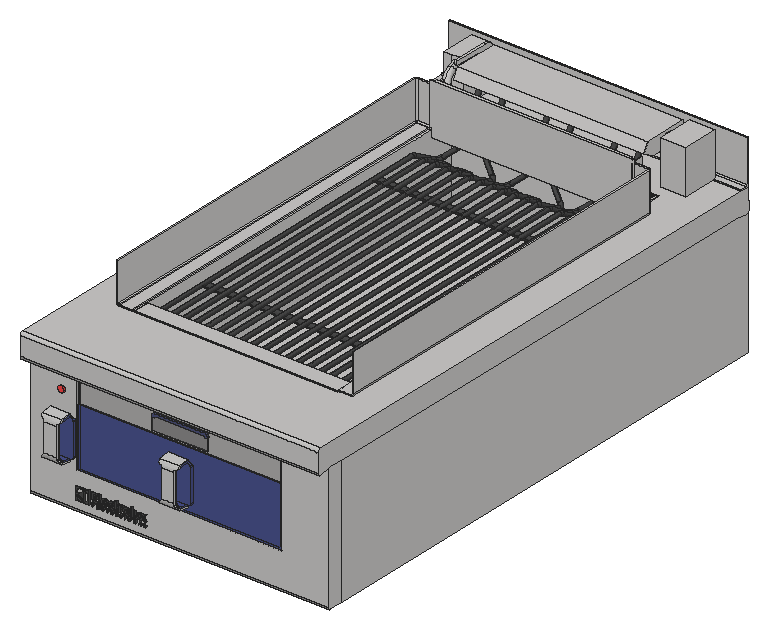
Revit family "QF_ELECTROLUXPROFESSIONAL_589285_MCDDABEOIO", category Specialty Equipment, Revit 2018 (continued)
Automatic sketch dimensions
  plane 12 "BASE" to Extrusion 16 sketch curve = 19.329 mm  (x2)
  Extrusion 16 sketch curve to Extrusion 16 sketch curve = 0.782 mm  (x3)
  Extrusion 16 sketch curve to Extrusion 16 sketch curve = 0.58 mm  (x2)
  Extrusion 16 sketch curve to Extrusion 16 sketch curve = 0.975 mm  (x2)
  Extrusion 16 sketch curve to Extrusion 16 sketch curve = 0.016 mm  (x2)
  Extrusion 16 sketch curve to Extrusion 16 sketch curve = 0.427 mm  (x2)
  Extrusion 16 sketch curve to Extrusion 16 sketch curve = 0.009 mm  (x6)
  Extrusion 16 sketch curve to Extrusion 16 sketch curve = 0.094 mm  (x2)
  plane 12 "BASE" to Extrusion 16 sketch curve = 29.439 mm
  Extrusion 16 sketch curve to Extrusion 16 sketch curve = 2.475 mm
  Extrusion 16 sketch curve to Extrusion 16 sketch curve = 0.003 mm
  Extrusion 16 sketch curve to Extrusion 16 sketch curve = 0.093 mm  (x2)
  Extrusion 16 sketch curve to Extrusion 16 sketch curve = 0.13 mm  (x2)
  Extrusion 16 sketch curve to Extrusion 16 sketch curve = 0.007 mm  (x2)
  Extrusion 16 sketch curve to Extrusion 16 sketch curve = 0.045 mm  (x2)
  Extrusion 16 sketch curve to Extrusion 16 sketch curve = 0.305 mm  (x2)
  Extrusion 16 sketch curve to Extrusion 16 sketch curve = 0.12 mm  (x2)
  Extrusion 16 sketch curve to Extrusion 16 sketch curve = 0.209 mm  (x2)
  Extrusion 16 sketch curve to Extrusion 16 sketch curve = 0.236 mm  (x2)
  plane 12 "BASE" to Extrusion 16 sketch curve = 21.383 mm  (x2)
  Extrusion 16 sketch curve to Extrusion 16 sketch curve = 0.432 mm  (x2)
  plane 12 "BASE" to Extrusion 16 sketch curve = 25 mm
  Extrusion 16 sketch curve to Extrusion 16 sketch curve = 1.08 mm
  plane 12 "BASE" to Extrusion 16 sketch curve = 21.887 mm  (x2)
  Extrusion 16 sketch curve to Extrusion 16 sketch curve = 0.735 mm  (x2)
  Extrusion 16 sketch curve to Extrusion 16 sketch curve = 2.254 mm
  plane 12 "BASE" to Extrusion 16 sketch curve = 24.953 mm  (x2)
  Extrusion 16 sketch curve to Extrusion 16 sketch curve = 1.046 mm
  plane 12 "BASE" to Extrusion 16 sketch curve = 27.282 mm
  Extrusion 16 sketch curve to Extrusion 16 sketch curve = 6.129 mm
  Extrusion 16 sketch curve to Extrusion 16 sketch curve = 2.048 mm
  plane 12 "BASE" to Extrusion 16 sketch curve = 33.815 mm
  Extrusion 16 sketch curve to Extrusion 16 sketch curve = 2.458 mm  (x3)
  plane 12 "BASE" to Extrusion 16 sketch curve = 33.215 mm
  Extrusion 16 sketch curve to Extrusion 16 sketch curve = 2.809 mm  (x2)
  Extrusion 16 sketch curve to Extrusion 16 sketch curve = 1.033 mm
  plane 12 "BASE" to Extrusion 16 sketch curve = 30.158 mm  (x4)
  Extrusion 16 sketch curve to Extrusion 16 sketch curve = 0.379 mm
  Extrusion 16 sketch curve to Extrusion 16 sketch curve = 2.459 mm
  Extrusion 16 sketch curve to Extrusion 16 sketch curve = 4.456 mm
  plane 12 "BASE" to Extrusion 16 sketch curve = 35.672 mm
  Extrusion 16 sketch curve to Extrusion 16 sketch curve = 6.06 mm
  plane 12 "BASE" to Extrusion 16 sketch curve = 26.894 mm
  Extrusion 16 sketch curve to Extrusion 16 sketch curve = 3.222 mm
  plane 12 "BASE" to Extrusion 16 sketch curve = 33.421 mm
  plane 12 "BASE" to Extrusion 16 sketch curve = 24.643 mm
  Extrusion 16 sketch curve to Extrusion 16 sketch curve = 3.221 mm
  Extrusion 16 sketch curve to Extrusion 16 sketch curve = 4.766 mm
  Extrusion 16 sketch curve to Extrusion 16 sketch curve = 1.524 mm
  Extrusion 16 sketch curve to Extrusion 16 sketch curve = 2.48 mm
  Extrusion 16 sketch curve to Extrusion 16 sketch curve = 1.895 mm
  Extrusion 16 sketch curve to Extrusion 16 sketch curve = 0.995 mm  (x2)
  plane 12 "BASE" to Extrusion 16 sketch curve = 20.84 mm
  Extrusion 16 sketch curve to Extrusion 16 sketch curve = 0.039 mm  (x2)
  Extrusion 16 sketch curve to Extrusion 16 sketch curve = 2.499 mm
  Extrusion 16 sketch curve to Extrusion 16 sketch curve = 2.276 mm
  plane 12 "BASE" to Extrusion 16 sketch curve = 24.684 mm
  Extrusion 16 sketch curve to Extrusion 16 sketch curve = 0.393 mm  (x3)
  plane 12 "BASE" to Extrusion 16 sketch curve = 26.956 mm
  Extrusion 16 sketch curve to Extrusion 16 sketch curve = 0.02 mm
  plane 12 "BASE" to Extrusion 16 sketch curve = 29.311 mm
  Extrusion 16 sketch curve to Extrusion 16 sketch curve = 2.273 mm
  Extrusion 16 sketch curve to Extrusion 16 sketch curve = 4.061 mm
  Extrusion 16 sketch curve to Extrusion 16 sketch curve = 1.099 mm
  Extrusion 16 sketch curve to Extrusion 16 sketch curve = 2.498 mm
  Extrusion 16 sketch curve to Extrusion 16 sketch curve = 0.485 mm  (x2)
  plane 12 "BASE" to Extrusion 16 sketch curve = 19.806 mm
  Extrusion 16 sketch curve to Extrusion 16 sketch curve = 0.459 mm  (x4)
  Extrusion 16 sketch curve to Extrusion 16 sketch curve = 1.143 mm
  plane 12 "BASE" to Extrusion 16 sketch curve = 22.688 mm
  Extrusion 16 sketch curve to Extrusion 16 sketch curve = 0.238 mm
  plane 12 "BASE" to Extrusion 16 sketch curve = 20.827 mm
  Extrusion 16 sketch curve to Extrusion 16 sketch curve = 0.462 mm
  Extrusion 16 sketch curve to Extrusion 16 sketch curve = 0.922 mm
  plane 12 "BASE" to Extrusion 16 sketch curve = 18.785 mm
  plane 12 "BASE" to Extrusion 16 sketch curve = 27.449 mm
  Extrusion 16 sketch curve to Extrusion 16 sketch curve = 1.792 mm
  Extrusion 16 sketch curve to Extrusion 16 sketch curve = 1.54 mm
  Extrusion 16 sketch curve to Extrusion 16 sketch curve = 0.872 mm
  Extrusion 16 sketch curve to Extrusion 16 sketch curve = 1.1 mm
  Extrusion 16 sketch curve to Extrusion 16 sketch curve = 1.145 mm
  plane 12 "BASE" to Extrusion 16 sketch curve = 30.447 mm
  Extrusion 16 sketch curve to Extrusion 16 sketch curve = 2.054 mm
  plane 12 "BASE" to Extrusion 16 sketch curve = 28.63 mm
  Extrusion 16 sketch curve to Extrusion 16 sketch curve = 1.363 mm  (x2)
  Extrusion 16 sketch curve to Extrusion 16 sketch curve = 1.364 mm
  Extrusion 16 sketch curve to Extrusion 16 sketch curve = 4.137 mm
  Extrusion 16 sketch curve to Extrusion 16 sketch curve = 2.252 mm  (x2)
  Extrusion 16 sketch curve to Extrusion 16 sketch curve = 0.127 mm
  plane 12 "BASE" to Extrusion 16 sketch curve = 28.282 mm
  Extrusion 16 sketch curve to Extrusion 16 sketch curve = 1.563 mm
  Extrusion 16 sketch curve to Extrusion 16 sketch curve = 1.048 mm
  Extrusion 16 sketch curve to Extrusion 16 sketch curve = 1.914 mm
  Extrusion 16 sketch curve to Extrusion 16 sketch curve = 2.706 mm
  Extrusion 16 sketch curve to Extrusion 16 sketch curve = 2.664 mm
  Extrusion 16 sketch curve to Extrusion 16 sketch curve = 7.314 mm
  Extrusion 16 sketch curve to Extrusion 16 sketch curve = 1.632 mm
  Extrusion 16 sketch curve to Extrusion 16 sketch curve = 3.648 mm  (x2)
  Extrusion 16 sketch curve to Extrusion 16 sketch curve = 3.598 mm  (x2)
  Extrusion 16 sketch curve to Extrusion 16 sketch curve = 4.176 mm
  Extrusion 16 sketch curve to Extrusion 16 sketch curve = 1.127 mm
  Extrusion 16 sketch curve to Extrusion 16 sketch curve = 3.129 mm
  Extrusion 16 sketch curve to Extrusion 16 sketch curve = 0.787 mm
  Extrusion 16 sketch curve to Extrusion 16 sketch curve = 0.856 mm
  Extrusion 16 sketch curve to Extrusion 16 sketch curve = 0.934 mm
  Extrusion 16 sketch curve to Extrusion 16 sketch curve = 0.941 mm  (x3)
  Extrusion 16 sketch curve to Extrusion 16 sketch curve = 0.537 mm  (x2)
  Extrusion 16 sketch curve to Extrusion 16 sketch curve = 0.25 mm
  Extrusion 16 sketch curve to Extrusion 16 sketch curve = 0.311 mm  (x2)
  Extrusion 16 sketch curve to Extrusion 16 sketch curve = 0.031 mm
  Extrusion 16 sketch curve to Extrusion 16 sketch curve = 1.686 mm
  Extrusion 16 sketch curve to Extrusion 16 sketch curve = 0.082 mm
  Extrusion 16 sketch curve to Extrusion 16 sketch curve = 1.753 mm
  Extrusion 16 sketch curve to Extrusion 16 sketch curve = 0.014 mm  (x2)
  Extrusion 16 sketch curve to Extrusion 16 sketch curve = 0.109 mm  (x2)
  Extrusion 16 sketch curve to Extrusion 16 sketch curve = 0.018 mm  (x2)
  Extrusion 16 sketch curve to Extrusion 16 sketch curve = 2.046 mm
  Extrusion 16 sketch curve to Extrusion 16 sketch curve = 0.827 mm
  Extrusion 16 sketch curve to Extrusion 16 sketch curve = 4.496 mm
  Extrusion 16 sketch curve to Extrusion 16 sketch curve = 4.443 mm
  Extrusion 16 sketch curve to Extrusion 16 sketch curve = 1.66 mm
  Extrusion 16 sketch curve to Extrusion 16 sketch curve = 0.631 mm  (x2)
  Extrusion 16 sketch curve to Extrusion 16 sketch curve = 1.016 mm
  Extrusion 16 sketch curve to Extrusion 16 sketch curve = 0.313 mm  (x2)
  Extrusion 16 sketch curve to Extrusion 16 sketch curve = 0.94 mm  (x3)
  Extrusion 16 sketch curve to Extrusion 16 sketch curve = 0.163 mm  (x2)
  Extrusion 16 sketch curve to Extrusion 16 sketch curve = 0.192 mm  (x2)
  Extrusion 16 sketch curve to Extrusion 16 sketch curve = 0.704 mm
  Extrusion 16 sketch curve to Extrusion 16 sketch curve = 0.686 mm
  Extrusion 16 sketch curve to Extrusion 16 sketch curve = 0.002 mm
  Extrusion 16 sketch curve to Extrusion 16 sketch curve = 0.077 mm  (x2)
  Extrusion 16 sketch curve to Extrusion 16 sketch curve = 0.164 mm  (x2)
  Extrusion 16 sketch curve to Extrusion 16 sketch curve = 0.865 mm
  Extrusion 16 sketch curve to Extrusion 16 sketch curve = 1.05 mm
  Extrusion 16 sketch curve to Extrusion 16 sketch curve = 0.337 mm  (x2)
  Extrusion 16 sketch curve to Extrusion 16 sketch curve = 4.036 mm
  Extrusion 16 sketch curve to Extrusion 16 sketch curve = 1.996 mm
  Extrusion 16 sketch curve to Extrusion 16 sketch curve = 1.955 mm
  Extrusion 16 sketch curve to Extrusion 16 sketch curve = 1.847 mm
  Extrusion 16 sketch curve to Extrusion 16 sketch curve = 2.265 mm  (x2)
  Extrusion 16 sketch curve to Extrusion 16 sketch curve = 0.004 mm  (x2)
  Extrusion 16 sketch curve to Extrusion 16 sketch curve = 0.132 mm
  Extrusion 16 sketch curve to Extrusion 16 sketch curve = 0.034 mm
  Extrusion 16 sketch curve to Extrusion 16 sketch curve = 4.131 mm
  Extrusion 16 sketch curve to Extrusion 16 sketch curve = 1.129 mm
  Extrusion 16 sketch curve to Extrusion 16 sketch curve = 0.166 mm
  Extrusion 16 sketch curve to Extrusion 16 sketch curve = 0.141 mm
  Extrusion 16 sketch curve to Extrusion 16 sketch curve = 2.155 mm
  Extrusion 16 sketch curve to Extrusion 16 sketch curve = 3.388 mm
  Extrusion 16 sketch curve to Extrusion 16 sketch curve = 1.838 mm
  Extrusion 16 sketch curve to Extrusion 16 sketch curve = 1.833 mm
  Extrusion 16 sketch curve to Extrusion 16 sketch curve = 1.776 mm
  Extrusion 16 sketch curve to Extrusion 16 sketch curve = 1.273 mm
  Extrusion 16 sketch curve to Extrusion 16 sketch curve = 2.637 mm  (x2)
  Extrusion 16 sketch curve to Extrusion 16 sketch curve = 0.103 mm
  Extrusion 16 sketch curve to Extrusion 16 sketch curve = 3.672 mm
  Extrusion 16 sketch curve to Extrusion 16 sketch curve = 2.338 mm
  Extrusion 16 sketch curve to Extrusion 16 sketch curve = 2.258 mm
  Extrusion 16 sketch curve to Extrusion 16 sketch curve = 2.106 mm
  Extrusion 16 sketch curve to Extrusion 16 sketch curve = 1.548 mm
  Extrusion 16 sketch curve to Extrusion 16 sketch curve = 6.073 mm
  Extrusion 16 sketch curve to Extrusion 16 sketch curve = 2.396 mm
  Extrusion 16 sketch curve to Extrusion 16 sketch curve = 1.409 mm
  Extrusion 16 sketch curve to Extrusion 16 sketch curve = 3.403 mm
  Extrusion 16 sketch curve to Extrusion 16 sketch curve = 0.89 mm
  Extrusion 16 sketch curve to Extrusion 16 sketch curve = 2.331 mm
  Extrusion 16 sketch curve to Extrusion 16 sketch curve = 3.986 mm
  Extrusion 16 sketch curve to Extrusion 16 sketch curve = 3.987 mm
  Extrusion 16 sketch curve to Extrusion 16 sketch curve = 1.009 mm  (x2)
  Extrusion 16 sketch curve to Extrusion 16 sketch curve = 0.125 mm  (x2)
  Extrusion 16 sketch curve to Extrusion 16 sketch curve = 0.522 mm  (x2)
  Extrusion 16 sketch curve to Extrusion 16 sketch curve = 0.257 mm  (x2)
  Extrusion 16 sketch curve to Extrusion 16 sketch curve = 0.286 mm  (x2)
  Extrusion 16 sketch curve to Extrusion 16 sketch curve = 0.278 mm  (x2)
  Extrusion 16 sketch curve to Extrusion 16 sketch curve = 0.822 mm  (x2)
  Extrusion 16 sketch curve to Extrusion 16 sketch curve = 0.835 mm  (x2)
  Sweep 17 sketch curve to plane 13 "TOP" = 30.001 mm
  Sweep 17 sketch curve to plane 13 "TOP" = 11.001 mm
  Sweep 17 sketch curve to Sweep 17 sketch curve = 19.4 mm
  Sweep 17 sketch curve to Sweep 17 sketch curve = 4 mm
  plane 11 "sCARICO" to Sweep 17 sketch curve = 0 mm
  Sweep 17 sketch curve to profile plane = 0 mm
  Sweep 18 sketch curve to plane 13 "TOP" = 34.001 mm
  Sweep 18 sketch curve to Sweep 18 sketch curve = 13.5 mm
  Sweep 18 sketch curve to plane 11 "sCARICO" = 0 mm
  Sweep 18 sketch curve to profile plane = 0 mm
  plane 6 "PLAIN" to Extrusion 19 sketch curve = 1.152 mm
  plane 3 "LEFT" to Extrusion 19 sketch curve = 77.348 mm
  plane 15 "EI_y" to Extrusion 19 sketch curve = 33.348 mm
  plane 12 "BASE" to Extrusion 19 sketch curve = 250 mm
  Extrusion 20 sketch curve to plane 6 "PLAIN" = 0 mm
  plane 3 "LEFT" to Extrusion 20 sketch curve = 81 mm
  plane 15 "EI_y" to Extrusion 20 sketch curve = 37 mm
  plane 12 "BASE" to Extrusion 20 sketch curve = 110 mm
  Extrusion 21 sketch curve to plane 6 "PLAIN" = 0 mm
  plane 3 "LEFT" to Extrusion 21 sketch curve = 81 mm
  plane 15 "EI_y" to Extrusion 21 sketch curve = 37 mm
  plane 12 "BASE" to Extrusion 21 sketch curve = 110 mm
  plane 10 "MontanteBack" to Extrusion 22 sketch curve = 65.726 mm
  Extrusion 22 sketch curve to Extrusion 22 sketch curve = 2.105 mm  (x2)
  plane 15 "EI_y" to Extrusion 22 sketch curve = 35.452 mm
  Extrusion 22 sketch curve to Extrusion 22 sketch curve = 6.786 mm  (x2)
  plane 3 "LEFT" to Extrusion 22 sketch curve = 86.238 mm
  Extrusion 22 sketch curve to Extrusion 22 sketch curve = 0 mm  (x3)
  plane 16 to Extrusion 23 sketch curve = 0 mm
  Extrusion 23 sketch curve to plane 9 "Grill" = 0 mm  (x2)
  plane 10 "MontanteBack" to Extrusion 23 sketch curve = 99.724 mm
  Extrusion 23 sketch curve to Extrusion 23 sketch curve = 3.1 mm  (x2)
  Extrusion 23 sketch curve to Extrusion 23 sketch curve = 32.302 mm
  Extrusion 23 sketch curve to Extrusion 23 sketch curve = 4.65 mm  (x2)
  Extrusion 23 sketch curve to Extrusion 23 sketch curve = 507.382 mm
  Extrusion 23 sketch curve to Extrusion 23 sketch curve = 41.464 mm
  Extrusion 23 sketch curve to Extrusion 23 sketch curve = 2.45 mm
  Extrusion 23 sketch curve to Extrusion 23 sketch curve = 4.244 mm
  Extrusion 23 sketch curve to Extrusion 23 sketch curve = 5.369 mm  (x2)
  Extrusion 23 sketch curve to Extrusion 23 sketch curve = 41.167 mm
  Extrusion 23 sketch curve to Extrusion 23 sketch curve = 5.502 mm
  Extrusion 23 sketch curve to Extrusion 23 sketch curve = 4.788 mm
  Extrusion 23 sketch curve to Extrusion 23 sketch curve = 106.667 mm
  Extrusion 23 sketch curve to Extrusion 23 sketch curve = 87.573 mm
  Extrusion 23 sketch curve to Extrusion 23 sketch curve = 1.306 mm
  Extrusion 23 sketch curve to Extrusion 23 sketch curve = 8.054 mm
  Extrusion 23 sketch curve to Extrusion 23 sketch curve = 9.3 mm
  Extrusion 23 sketch curve to Extrusion 23 sketch curve = 39.063 mm
  Extrusion 23 sketch curve to Extrusion 23 sketch curve = 2.871 mm
  Extrusion 24 sketch curve to plane 13 "TOP" = 0 mm  (x2)
  Extrusion 24 sketch curve to plane 10 "MontanteBack" = 4.508 mm
  plane 13 "TOP" to Extrusion 24 sketch curve = 32.592 mm
  Extrusion 24 sketch curve to Extrusion 24 sketch curve = 23.633 mm
  Extrusion 24 sketch curve to Extrusion 24 sketch curve = 27.957 mm
  plane 13 "TOP" to Extrusion 25 sketch curve = 7.313 mm
  plane 10 "MontanteBack" to Extrusion 25 sketch curve = 18.546 mm
  plane 13 "TOP" to Extrusion 25 sketch curve = 1.313 mm
  Extrusion 25 sketch curve to plane 10 "MontanteBack" = 20.263 mm
  Extrusion 25 sketch curve to Extrusion 25 sketch curve = 18.304 mm
  Extrusion 25 sketch curve to plane 13 "TOP" = 7.687 mm
  Extrusion 25 sketch curve to Extrusion 25 sketch curve = 20.771 mm
  Extrusion 25 sketch curve to Extrusion 25 sketch curve = 4.193 mm
  Extrusion 25 sketch curve to Extrusion 25 sketch curve = 7.322 mm
  Extrusion 25 sketch curve to plane 13 "TOP" = 4.569 mm
  Extrusion 25 sketch curve to Extrusion 25 sketch curve = 2.861 mm
  Extrusion 25 sketch curve to Extrusion 25 sketch curve = 13.461 mm
  Extrusion 25 sketch curve to plane 13 "TOP" = 19.001 mm
  Extrusion 25 sketch curve to Extrusion 25 sketch curve = 23.999 mm
  Extrusion 25 sketch curve to Extrusion 25 sketch curve = 8.568 mm
  Extrusion 25 sketch curve to Extrusion 25 sketch curve = 9.081 mm
  Extrusion 25 sketch curve to Extrusion 25 sketch curve = 1.291 mm
  plane 14 "EI_x" to Extrusion 30 sketch curve = 47.818 mm
  plane 3 "LEFT" to Extrusion 30 sketch curve = 86.446 mm
  plane 14 "EI_x" to Extrusion 31 sketch curve = 47.818 mm
  plane 3 "LEFT" to Extrusion 31 sketch curve = 86.446 mm
  Extrusion 33 sketch curve to Extrusion 33 sketch curve = 0 mm  (x2)
  Extrusion 33 sketch curve to plane 6 "PLAIN" = 0 mm
  Extrusion 33 sketch curve to plane 13 "TOP" = 0 mm
  Extrusion 33 sketch curve to plane 1 "BACK" = 0 mm
  Extrusion 33 sketch curve to Extrusion 33 sketch curve = 2 mm
  plane 1 "BACK" to Extrusion 33 sketch curve = 4 mm
  Extrusion 33 sketch curve to Extrusion 33 sketch curve = 12.433 mm
  plane 15 "EI_y" to Extrusion 35 sketch curve = 11 mm
  Extrusion 35 sketch curve to plane 8 "Center (Front/Back)" = 73 mm
  plane 14 "EI_x" to Extrusion 32 sketch curve = 0 mm
  Extrusion 32 sketch curve to plane 15 "EI_y" = 0 mm
  plane 15 "EI_y" to Sweep 1 sketch curve = 39.452 mm
  Sweep 1 sketch curve to Sweep 1 sketch curve = 4 mm  (x2)
  plane 15 "EI_y" to Sweep 1 sketch curve = 13.452 mm
  plane 10 "MontanteBack" to Sweep 1 sketch curve = 71.621 mm
  plane 14 "EI_x" to Sweep 1 sketch curve = 76 mm
  Sweep 1 sketch curve to Sweep 1 sketch curve = 14 mm
  Sweep 2 sketch curve to plane 3 "LEFT" = 83.452 mm
  Sweep 2 sketch curve to Sweep 2 sketch curve = 4 mm  (x2)
  Sweep 2 sketch curve to Sweep 2 sketch curve = 22 mm
  Sweep 2 sketch curve to plane 10 "MontanteBack" = 71.621 mm
  Sweep 2 sketch curve to Sweep 2 sketch curve = 14 mm
  Sweep 2 sketch curve to plane 14 "EI_x" = 79 mm
  Extrusion 27 sketch curve to Extrusion 27 sketch curve = 0 mm  (x2)
  plane 10 "MontanteBack" to Extrusion 27 sketch curve = 93.701 mm
  plane 7 "Center (Left/Right)" to Extrusion 27 sketch curve = 68.033 mm
  plane 10 "MontanteBack" to Extrusion 28 sketch curve = 93.701 mm
  plane 7 "Center (Left/Right)" to Extrusion 28 sketch curve = 68.033 mm
  plane 10 "MontanteBack" to Extrusion 29 sketch curve = 93.701 mm
  plane 7 "Center (Left/Right)" to Extrusion 29 sketch curve = 68.033 mm
  Extrusion 34 sketch curve to plane 14 "EI_x" = 15 mm
  plane 7 "Center (Left/Right)" to Extrusion 34 sketch curve = 49 mm
  curve 79 to curve 82 = 0 mm  (x2)
  curve 92 to curve 93 = 0 mm  (x2)
  curve 122 to curve 123 = 0 mm  (x2)
  curve 129 to curve 130 = 0 mm  (x2)
  curve 116 to plane 4 "RIGHT" = 0 mm
  plane 5 "FRONT" to curve 116 = 0 mm
  plane 11 "sCARICO" to curve 134 = 0 mm
  plane 11 "sCARICO" to curve 133 = 0 mm
  curve 137 to plane 3 "LEFT" = 0 mm
  curve 138 to plane 4 "RIGHT" = 0 mm
  curve 118 to plane 3 "LEFT" = 0 mm
  curve 118 to plane 4 "RIGHT" = 0 mm
  plane 1 "BACK" to curve 117 = 0 mm
  curve 117 to plane 4 "RIGHT" = 0 mm
  curve 117 to plane 3 "LEFT" = 0 mm
  curve 116 to plane 3 "LEFT" = 0 mm
  plane 14 "EI_x" to curve 85 = 79 mm
  plane 15 "EI_y" to curve 131 = 33.348 mm
  plane 14 "EI_x" to curve 131 = 78.975 mm
  plane 15 "EI_y" to curve 90 = 8.5 mm
  curve 87 to curve 90 = 2.975 mm
  plane 10 "MontanteBack" to curve 81 = 71.621 mm
  plane 10 "MontanteBack" to curve 90 = 71.621 mm
  curve 92 to curve 125 = 0.895 mm
  curve 95 to curve 94 = 4.057 mm
  curve 123 to curve 83 = 4.057 mm
  curve 83 to curve 121 = 3.048 mm
  curve 94 to curve 126 = 3.048 mm
  curve 123 to curve 120 = 14 mm
  curve 126 to curve 126 = 14 mm
  curve 120 to curve 135 = 11.759 mm
  curve 135 to curve 134 = 1.606 mm
  curve 134 to curve 133 = 0.002 mm
  curve 134 to curve 108 = 1.606 mm
  curve 134 to curve 97 = 4.618 mm
  curve 132 to curve 142 = 8.033 mm
  plane 10 "MontanteBack" to curve 102 = 3.433 mm
  plane 10 "MontanteBack" to curve 107 = 1.433 mm
  curve 104 to plane 10 "MontanteBack" = 3.46 mm
  plane 1 "BACK" to curve 100 = 11.433 mm
  plane 1 "BACK" to curve 111 = 11.433 mm
  plane 1 "BACK" to curve 105 = 11.433 mm
  plane 15 "EI_y" to curve 101 = 2.505 mm
  plane 15 "EI_y" to curve 143 = 32 mm
  curve 87 to curve 125 = 2.104 mm
  curve 99 to curve 100 = 42 mm
  curve 120 to curve 134 = 8.776 mm
  curve 132 to curve 133 = 8.776 mm
  curve 97 to curve 111 = 2.057 mm
  curve 108 to curve 134 = 5.26 mm
  curve 109 to curve 110 = 3.842 mm
  plane 3 "LEFT" to curve 131 = 77.348 mm
  curve 144 to curve 107 = 4.164 mm
  curve 104 to curve 107 = 16.004 mm
  curve 86 to curve 83 = 19.896 mm
  curve 103 to curve 105 = 30 mm
  curve 88 to curve 136 = 26.125 mm
  curve 4 to plane 14 "EI_x" = 63.346 mm
  curve 14 to plane 14 "EI_x" = 63.346 mm
  curve 4 to curve 6 = 0 mm
  curve 14 to curve 16 = 0 mm
  curve 12 to curve 14 = 0 mm
  curve 6 to curve 8 = 0 mm
  curve 16 to curve 18 = 0 mm
  curve 8 to curve 10 = 0 mm
  curve 18 to curve 20 = 0 mm
  curve 20 to curve 22 = 0 mm
  curve 40 to plane 14 "EI_x" = 63.346 mm
  curve 22 to curve 24 = 0 mm
  curve 38 to curve 4 = 0 mm
  curve 24 to curve 26 = 0 mm
  curve 36 to curve 14 = 0 mm
  curve 34 to curve 40 = 0 mm
  curve 26 to curve 28 = 0 mm
  curve 32 to curve 34 = 0 mm
  curve 28 to curve 30 = 0 mm
  curve 32 to curve 31 = 8 mm
  curve 29 to curve 31 = 0 mm
  curve 31 to curve 33 = 0 mm
  curve 27 to curve 29 = 0 mm
  curve 36 to curve 35 = 8 mm
  curve 11 to curve 35 = 0 mm
  curve 38 to curve 37 = 8 mm
  curve 25 to curve 27 = 0 mm
  curve 33 to curve 39 = 0 mm
  curve 23 to curve 25 = 0 mm
  curve 21 to curve 23 = 0 mm
  curve 19 to curve 21 = 0 mm
  curve 9 to curve 11 = 0 mm
  curve 17 to curve 19 = 0 mm
  curve 7 to curve 9 = 0 mm
  curve 15 to curve 17 = 0 mm
  curve 5 to curve 7 = 0 mm
  curve 13 to curve 15 = 0 mm
  curve 3 to curve 5 = 0 mm
  curve 50 to curve 123 = 120.928 mm
  curve 48 to curve 50 = 0 mm
  curve 50 to curve 52 = 0 mm
  curve 46 to curve 48 = 0 mm
  curve 52 to curve 54 = 0 mm
  curve 44 to curve 46 = 0 mm
  curve 54 to curve 56 = 0 mm
  curve 42 to curve 44 = 0 mm
  curve 56 to curve 58 = 0 mm
  curve 58 to curve 60 = 0 mm
  plane 15 "EI_y" to curve 78 = 37 mm
  curve 78 to curve 129 = 120.928 mm
  curve 60 to curve 62 = 0 mm
  curve 76 to curve 42 = 0 mm
  curve 62 to curve 64 = 0 mm
  curve 74 to curve 52 = 0 mm
  curve 64 to curve 66 = 0 mm
  curve 72 to curve 78 = 0 mm
  curve 66 to curve 68 = 0 mm
  curve 70 to curve 72 = 0 mm
  curve 70 to curve 69 = 8 mm
  curve 69 to curve 71 = 0 mm
  curve 67 to curve 69 = 0 mm
  curve 74 to curve 73 = 8 mm
  curve 65 to curve 67 = 0 mm
  curve 76 to curve 75 = 8 mm
  curve 63 to curve 65 = 0 mm
  curve 71 to curve 77 = 0 mm
  curve 61 to curve 63 = 0 mm
  curve 44 to curve 43 = 8 mm
  curve 46 to curve 45 = 8 mm
  curve 59 to curve 61 = 0 mm
  curve 41 to curve 43 = 0 mm
  curve 45 to curve 47 = 0 mm
  curve 47 to curve 49 = 0 mm
  curve 57 to curve 59 = 0 mm
  curve 55 to curve 57 = 0 mm
  curve 53 to curve 55 = 0 mm
  curve 73 to curve 51 = 0 mm
  curve 83 to curve 140 = 0.418 mm
  curve 124 to curve 129 = 2.105 mm
  curve 120 to curve 141 = 2.512 mm
  curve 120 to curve 140 = 2.846 mm
  curve 132 to curve 98 = 0.384 mm
  curve 134 to curve 133 = 9.113 mm
  curve 97 to curve 133 = 4.496 mm
  curve 133 to curve 148 = 3.991 mm
  curve 115 to plane 10 "MontanteBack" = 5.06 mm
  curve 145 to plane 10 "MontanteBack" = 5.067 mm
  curve 104 to curve 144 = 1.607 mm
  curve 144 to curve 114 = 5 mm
  curve 113 to curve 99 = 21.507 mm
  curve 146 to curve 110 = 21.496 mm
  curve 146 to curve 147 = 0.054 mm
  curve 146 to curve 112 = 5 mm
  curve 96 to curve 109 = 5 mm
  plane 1 "BACK" to curve 137 = 16.433 mm
  curve 138 to curve 99 = 5 mm
  curve 139 to curve 96 = 0 mm
  plane 1 "BACK" to curve 118 = 2 mm
  curve 77 to curve 78 = 0 mm
  curve 40 to curve 40 = 8.05 mm
  curve 78 to curve 78 = 4.398 mm
  curve 39 to curve 40 = 0 mm
  curve 77 to curve 77 = 4.398 mm
  curve 40 to curve 34 = 6.201 mm
  curve 78 to curve 72 = 6.201 mm
  curve 77 to curve 71 = 6.201 mm
  curve 39 to curve 33 = 6.201 mm
  curve 115 to curve 115 = 7.31 mm
  curve 132 to curve 98 = 0 mm
  curve 72 to curve 72 = 12.8 mm
  curve 34 to curve 34 = 12.8 mm
  curve 71 to curve 72 = 0 mm
  curve 33 to curve 34 = 0 mm
  curve 33 to curve 31 = 6.201 mm
  curve 71 to curve 69 = 6.201 mm
  curve 34 to curve 32 = 6.201 mm
  curve 72 to curve 70 = 6.201 mm
  curve 70 to curve 70 = 12.8 mm
  curve 32 to curve 32 = 12.8 mm
  curve 31 to curve 32 = 0 mm
  curve 69 to curve 70 = 0 mm
  curve 31 to curve 29 = 6.2 mm
  curve 69 to curve 67 = 6.2 mm
  curve 70 to curve 68 = 6.2 mm
  curve 32 to curve 30 = 6.2 mm
  curve 30 to curve 30 = 12.8 mm
  curve 68 to curve 68 = 12.8 mm
  curve 29 to curve 30 = 0 mm
  curve 67 to curve 68 = 0 mm
  curve 67 to curve 65 = 6.2 mm
  curve 30 to curve 28 = 6.2 mm
  curve 29 to curve 27 = 6.2 mm
  curve 68 to curve 66 = 6.2 mm
  curve 28 to curve 28 = 12.8 mm
  curve 27 to curve 28 = 0 mm
  curve 66 to curve 66 = 12.8 mm
  curve 65 to curve 66 = 0 mm
  curve 28 to curve 26 = 6.2 mm
  curve 27 to curve 25 = 6.2 mm
  curve 65 to curve 63 = 6.2 mm
  curve 66 to curve 64 = 6.2 mm
  curve 26 to curve 26 = 13 mm
  curve 25 to curve 26 = 0 mm
  curve 63 to curve 63 = 13 mm
  curve 64 to curve 63 = 0 mm
  curve 25 to curve 23 = 6 mm
  curve 26 to curve 24 = 6 mm
  curve 63 to curve 61 = 6 mm
  curve 64 to curve 62 = 6 mm
  curve 23 to curve 23 = 12.8 mm
  curve 62 to curve 62 = 12.8 mm
  curve 61 to curve 62 = 0 mm
  curve 24 to curve 23 = 0 mm
  curve 24 to curve 22 = 6.2 mm
  curve 61 to curve 59 = 6.2 mm
  curve 62 to curve 60 = 6.2 mm
  curve 23 to curve 21 = 6.2 mm
  curve 22 to curve 22 = 12.8 mm
  curve 60 to curve 60 = 12.8 mm
  curve 59 to curve 60 = 0 mm
  curve 21 to curve 22 = 0 mm
  curve 21 to curve 19 = 6.201 mm
  curve 60 to curve 58 = 6.201 mm
  curve 59 to curve 57 = 6.201 mm
  curve 22 to curve 20 = 6.201 mm
  plane 7 "Center (Left/Right)" to curve 58 = 12.601 mm
  curve 57 to curve 58 = 0 mm
  plane 7 "Center (Left/Right)" to curve 19 = 12.601 mm
  curve 20 to curve 19 = 0 mm
  curve 19 to curve 17 = 6.2 mm
  curve 20 to curve 18 = 6.2 mm
  curve 57 to curve 55 = 6.2 mm
  curve 58 to curve 56 = 6.2 mm
  curve 18 to plane 7 "Center (Left/Right)" = 6.399 mm
  curve 56 to plane 7 "Center (Left/Right)" = 6.399 mm
  curve 17 to plane 7 "Center (Left/Right)" = 6.399 mm
  curve 55 to plane 7 "Center (Left/Right)" = 6.399 mm
  curve 55 to curve 53 = 6.2 mm
  curve 56 to curve 54 = 6.2 mm
  curve 18 to curve 16 = 6.2 mm
  curve 17 to curve 15 = 6.2 mm
  curve 15 to curve 15 = 12.8 mm
  curve 53 to curve 53 = 12.8 mm
  curve 16 to curve 15 = 0 mm
  curve 54 to curve 53 = 0 mm
  curve 53 to curve 51 = 6.2 mm
  curve 15 to curve 13 = 6.2 mm
  curve 54 to curve 52 = 6.2 mm
  curve 16 to curve 14 = 6.2 mm
  curve 14 to curve 14 = 12.8 mm
  curve 52 to curve 52 = 12.8 mm
  curve 13 to curve 14 = 0 mm
  curve 51 to curve 52 = 0 mm
  curve 51 to curve 73 = 6.2 mm
  curve 52 to curve 74 = 6.2 mm
  curve 14 to curve 36 = 6.2 mm
  curve 13 to curve 35 = 6.2 mm
  curve 36 to curve 36 = 12.8 mm
  curve 74 to curve 74 = 12.8 mm
  curve 35 to curve 36 = 0 mm
  curve 73 to curve 74 = 0 mm
  curve 35 to curve 11 = 6 mm
  curve 36 to curve 12 = 6 mm
  curve 74 to curve 50 = 6 mm
  curve 73 to curve 49 = 6 mm
  curve 50 to curve 50 = 13 mm
  curve 49 to curve 50 = 0 mm
  curve 12 to curve 12 = 13 mm
  curve 11 to curve 12 = 0 mm
  curve 49 to curve 47 = 6.201 mm
  curve 50 to curve 48 = 6.201 mm
  curve 11 to curve 9 = 6.201 mm
  curve 12 to curve 10 = 6.201 mm
  curve 10 to curve 10 = 12.8 mm
  curve 47 to curve 47 = 12.8 mm
  curve 9 to curve 10 = 0 mm
  curve 48 to curve 47 = 0 mm
  curve 10 to curve 8 = 6.2 mm
  curve 9 to curve 7 = 6.2 mm
  curve 47 to curve 45 = 6.2 mm
  curve 48 to curve 46 = 6.2 mm
  curve 45 to curve 45 = 12.8 mm
  curve 7 to curve 7 = 12.8 mm
  curve 8 to curve 7 = 0 mm
  curve 46 to curve 45 = 0 mm
  curve 45 to curve 43 = 6.2 mm
  curve 8 to curve 6 = 6.2 mm
  curve 46 to curve 44 = 6.2 mm
  curve 7 to curve 5 = 6.2 mm
  curve 44 to curve 44 = 12.8 mm
  curve 5 to curve 5 = 12.8 mm
  curve 43 to curve 44 = 0 mm
  curve 6 to curve 5 = 0 mm
  curve 43 to curve 41 = 6.2 mm
  curve 44 to curve 42 = 6.2 mm
  curve 6 to curve 4 = 6.2 mm
  curve 5 to curve 3 = 6.2 mm
  curve 4 to curve 4 = 12.8 mm
  curve 42 to curve 42 = 12.8 mm
  curve 3 to curve 4 = 0 mm
  curve 41 to curve 42 = 0 mm
  curve 3 to curve 37 = 6.2 mm
  curve 41 to curve 75 = 6.2 mm
  curve 42 to curve 76 = 6.2 mm
  curve 4 to curve 38 = 6.2 mm
  curve 76 to curve 76 = 4.401 mm
  curve 75 to curve 75 = 4.401 mm
  curve 37 to curve 37 = 7.401 mm
  curve 38 to curve 38 = 7.401 mm
  radius of Extrusion 6 sketch curve = 16 mm
  radius of Extrusion 9 sketch curve = 4.002 mm  (x2)
  radius of Extrusion 16 sketch curve = 2.585 mm  (x2)
  radius of Extrusion 16 sketch curve = 1.64 mm
  radius of Extrusion 16 sketch curve = 1.548 mm
  radius of Sweep 17 sketch curve = 5.5 mm
  radius of Sweep 18 sketch curve = 11 mm
  radius of Extrusion 30 sketch curve = 3.406 mm
  radius of Extrusion 31 sketch curve = 3.406 mm
  radius of Extrusion 35 sketch curve = 10 mm
  radius of Extrusion 32 sketch curve = 10 mm
  radius of Extrusion 27 sketch curve = 49 mm
  radius of Extrusion 27 sketch curve = 44 mm
  radius of Extrusion 28 sketch curve = 35 mm
  radius of Extrusion 29 sketch curve = 35 mm
  radius of Extrusion 34 sketch curve = 6.35 mm
Nested families
  nested 1: "GC_900_500_Front_Panel" at (252.376, -854, 0), type "GC_900_500_Front_Panel"
  nested 2: "CharGrill1" at (74.881, -8.615, 613.364), type "CharGrill1"
    with Width 628.013 mm, No. of Rails 2, Grill Width 180 mm
  nested 3: "CharGrill1" at (188.881, -8.615, 613.364), type "CharGrill1"
    with Width 628.013 mm, No. of Rails 2, Grill Width 180 mm
  nested 4: "CharGrill1" at (-39.119, -8.615, 613.364), type "CharGrill1"
    with Width 628.013 mm, No. of Rails 2, Grill Width 180 mm
Connectors
  electrical at (456, -685, 670), driven by "Volts"
    settings: on Extrusion 32, index 1, voltage 0 V, apparent load 0 VA, apparent load phase1 0 VA, apparent load phase2 0 VA, apparent load phase3 0 VA, power factor 1, load classification "Other", number of poles 1, system type 30, power factor state 1, is connector primary yes, connector utility no, sub classification motor no, connector description "Electrical Connection"
  piping at (445, -523, 670), driven by "Cold Water Size"
    settings: on Extrusion 35, index 2, connector diameter 0", connector inside diameter 24", connector length 0 mm, flow factor 0, pipe flow 0 GPM, pressure drop 0.00 psi, fitting loss kfactor 0, connector angle 0.00°, fixture units 0, engagement length 0 mm, angle of deflection 0.00°, flow configuration 1, flow direction 1, fitting loss method 0, system type 20, joint type 0, gender type 0, connector reference index -1, connector utility 0, adjustable connector no, is connector primary yes, connector description "Cold Water Inlet"
  piping at (299, -670, 650), diameter 12.7
    settings: on Extrusion 34, index 3, connector inside diameter 24", connector length 0 mm, flow factor 0, pipe flow 0 GPM, pressure drop 0.00 psi, fitting loss kfactor 0, connector angle 0.00°, fixture units 0, engagement length 0 mm, angle of deflection 0.00°, flow configuration 1, flow direction 2, fitting loss method 0, system type 16, joint type 0, gender type 0, connector reference index -1, connector utility 0, adjustable connector no, is connector primary no, connector description "Drain"
Definition of nested family "GC_900_500_Front_Panel"
  Reference planes
    plane 1 "Center (Front/Back)": y = 0
    plane 2: z = 0
    plane 3 "Center (Left/Right)": x = -2.376
    plane 4: x = -252.376
    plane 5: x = 247.624
  Forms (mm)
    Extrusion 1, solid
      sketch origin (833.217, 829.203, -1.25) x (0, 1, 0) y (0, 0, 1)
        loop
          arc (-854.203, 654.25) -> (-853.324, 652.129) -> (-851.203, 651.25) r 3
          line (-851.203, 651.25) -> (-829.203, 651.25) -> (-829.203, 864.25) -> (-854.203, 864.25) -> (-854.203, 654.25)
      from -1085.593 to -585.593
    Extrusion 2, void
      sketch origin (33.217, 829.203, -1.25) x (1, 0, 0) y (0, 0, 1)
        loop
          line (-207.593, 855.116) -> (-207.593, 713.116) -> (136.407, 713.116) -> (136.407, 855.116) -> (-207.593, 855.116)
      from 848.59 to 854.203
    Extrusion 3, solid
      sketch origin (0, 0, 0) x (1, 0, 0) y (0, 0, 1)
        loop
          circle (-199.376, 825.517) r 5
      from 25 to 26.7
  Cuts and joins
    Extrusion 2 cuts Extrusion 1
  Lines and regions (mm)
    symbolic lines
      curve 1: line (-18.71, -48.326, 0) -> (-18.71, -45.975, 0)
      curve 2: spline (-13.041, -49.73, 0) -> (-13.52, -49.657, 0) -> (-13.998, -49.575, 0) -> (-14.475, -49.486, 0) -> (-14.951, -49.389, 0) -> (-15.426, -49.283, 0) -> (-15.899, -49.17, 0) -> (-16.372, -49.049, 0) -> (-16.842, -48.92, 0) -> (-17.312, -48.783, 0) -> (-17.78, -48.638, 0) -> (-18.246, -48.486, 0) -> (-18.71, -48.326, 0)
      curve 3: line (13.506, -48.326, 0) -> (13.506, -45.975, 0)
      curve 4: spline (13.506, -48.326, 0) -> (13.041, -48.486, 0) -> (12.575, -48.638, 0) -> (12.107, -48.783, 0) -> (11.638, -48.92, 0) -> (11.167, -49.049, 0) -> (10.695, -49.17, 0) -> (10.221, -49.283, 0) -> (9.746, -49.389, 0) -> (9.271, -49.486, 0) -> (8.794, -49.575, 0) -> (8.316, -49.657, 0) -> (7.837, -49.73, 0)
      curve 5: line (-13.041, -49.73, 0) -> (7.837, -49.73, 0)
      curve 6: line (-215.71, -48.326, 0) -> (-215.71, -45.975, 0)
      curve 7: spline (-210.041, -49.73, 0) -> (-210.52, -49.657, 0) -> (-210.998, -49.575, 0) -> (-211.475, -49.486, 0) -> (-211.951, -49.389, 0) -> (-212.426, -49.283, 0) -> (-212.899, -49.17, 0) -> (-213.372, -49.049, 0) -> (-213.842, -48.92, 0) -> (-214.312, -48.783, 0) -> (-214.78, -48.638, 0) -> (-215.246, -48.486, 0) -> (-215.71, -48.326, 0)
      curve 8: line (-183.494, -48.326, 0) -> (-183.494, -45.975, 0)
      curve 9: spline (-183.494, -48.326, 0) -> (-183.959, -48.486, 0) -> (-184.425, -48.638, 0) -> (-184.893, -48.783, 0) -> (-185.362, -48.92, 0) -> (-185.833, -49.049, 0) -> (-186.305, -49.17, 0) -> (-186.779, -49.283, 0) -> (-187.254, -49.389, 0) -> (-187.729, -49.486, 0) -> (-188.206, -49.575, 0) -> (-188.684, -49.657, 0) -> (-189.163, -49.73, 0)
      curve 10: line (-210.041, -49.73, 0) -> (-189.163, -49.73, 0)
  Dimensions and locks
    equal spacing: plane 5, plane 3 "Center (Left/Right)", plane 4
    plane 5 to plane 4 = 500 mm
    plane 5 to nested 1 = 447 mm
    aligned and locked: cut or joined group of Extrusion 1, Extrusion 2 to plane 4
    aligned and locked: plane 5 to cut or joined group of Extrusion 1, Extrusion 2
    aligned and locked: plane 3 "Center (Left/Right)" to nested 2
    aligned and locked: cut or joined group of Extrusion 1, Extrusion 2 to nested 2
  Automatic sketch dimensions
    plane 4 to curve 6 = 36.666 mm
    curve 6 to curve 10 = 5.669 mm
    curve 10 to curve 10 = 20.878 mm
    curve 10 to curve 8 = 5.669 mm
    curve 1 to plane 3 "Center (Left/Right)" = 16.334 mm
    curve 1 to curve 5 = 5.669 mm
    plane 3 "Center (Left/Right)" to curve 5 = 10.213 mm
    curve 5 to curve 3 = 5.669 mm
    plane 1 "Center (Front/Back)" to curve 5 = 49.73 mm
    plane 1 "Center (Front/Back)" to curve 10 = 49.73 mm
    curve 5 to curve 3 = 1.405 mm
    curve 10 to curve 8 = 1.405 mm
    curve 2 to curve 1 = 1.405 mm
    curve 7 to curve 6 = 1.405 mm
    curve 10 to curve 7 = 4.17 mm
    curve 9 to curve 9 = 4.17 mm
    curve 5 to curve 2 = 4.17 mm
    curve 4 to curve 4 = 4.17 mm
    curve 2 to curve 5 = 0.302 mm
    curve 4 to curve 4 = 0.302 mm
    curve 9 to curve 9 = 0.302 mm
    curve 7 to curve 10 = 0.302 mm
    curve 7 to curve 6 = 2.351 mm
    Extrusion 1 sketch curve to plane 1 "Center (Front/Back)" = 0 mm
    plane 1 "Center (Front/Back)" to Extrusion 1 sketch curve = 22 mm
    Extrusion 1 sketch curve to Extrusion 1 sketch curve = 3 mm
    level to Extrusion 1 sketch curve = 650 mm
    Extrusion 1 sketch curve to Extrusion 1 sketch curve = 210 mm
    plane 4 to Extrusion 2 sketch curve = 78 mm
    Extrusion 2 sketch curve to plane 5 = 78 mm
    level to Extrusion 2 sketch curve = 711.866 mm
    Extrusion 2 sketch curve to Extrusion 2 sketch curve = 142 mm
    plane 4 to Extrusion 3 sketch curve = 53 mm
    level to Extrusion 3 sketch curve = 825.517 mm
    curve 8 to curve 8 = 2.351 mm
    curve 2 to curve 1 = 2.351 mm
    curve 3 to curve 3 = 2.351 mm
    radius of Extrusion 3 sketch curve = 5 mm
  Nested families
    nested 1: "Range Control Handle" at (-199.376, -28.137, -209.113) x (-1, 0, 0) z (0, 0, 1), type "Range Control Handle"
    nested 2: "glass conrol panel" at (-2.376, 280.644, 2.752), type "glass conrol panel"
    nested 3: "Range Control Handle" at (-2.376, -28.137, -209.113) x (-1, 0, 0) z (0, 0, 1), type "Range Control Handle"
  Definition of nested family "Range Control Handle"
    Reference planes
      plane 1 "Center (Front/Back)": y = 0
      plane 2: z = 0
      plane 3 "Center (Left/Right)": x = 0
      plane 4: z = 971.092
    Forms (mm)
      Extrusion 1, solid
        sketch origin (-746.28, 380.497, 208.931) x (-1, 0, 0) y (0, 0, 1)
          loop
            line (-770.101, 786.798) -> (-770.101, 731.649)
            arc (-770.101, 731.649) -> (-769.759, 730.563) -> (-768.855, 729.87) r 1.893
            line (-768.855, 729.87) -> (-763.474, 727.911) -> (-729.81, 727.911) -> (-724.428, 729.87)
            arc (-724.428, 729.87) -> (-723.525, 730.563) -> (-723.183, 731.649) r 1.893
            line (-723.183, 731.649) -> (-723.183, 786.798)
            arc (-723.183, 786.798) -> (-723.529, 787.894) -> (-724.44, 788.593) r 1.91
            line (-724.44, 788.593) -> (-729.683, 790.819) -> (-763.601, 790.819) -> (-768.844, 788.593)
            arc (-768.844, 788.593) -> (-769.755, 787.894) -> (-770.101, 786.798) r 1.91
        from -382.35 to -378.852
      Sweep 2, solid
        path origin (-746.788, 380.496, 208.091) x (0, -1, 0) y (0, 0, 1)
          loop
            line (379.775, 793.281) -> (395.661, 791.048)
            arc (395.661, 791.048) -> (397.781, 787.377) -> (398.517, 783.202) r 12.207
            line (398.517, 783.202) -> (398.517, 737.368)
            arc (398.517, 737.368) -> (397.781, 733.193) -> (395.661, 729.522) r 12.207
            line (395.661, 729.522) -> (379.775, 727.289)
        profile origin (-746.788, -7.222, 1000.256) x (0, -0.139173, 0.990268) y (-1, 0, 0)
          loop
            line (0.782, -763.123) -> (0.782, -730.907) -> (-1.322, -730.907) -> (-1.322, -763.123) -> (0.782, -763.123)
      Sweep 3, solid
        path origin (-746.788, 380.715, 207.832) x (0, -1, 0) y (0, 0, 1)
          loop
            line (380.478, 795.442) -> (397.218, 793.09)
            arc (397.218, 793.09) -> (399.929, 788.473) -> (400.871, 783.202) r 15.207
            line (400.871, 783.202) -> (400.871, 737.584)
            arc (400.871, 737.584) -> (399.914, 732.274) -> (397.164, 727.633) r 15.207
            line (397.164, 727.633) -> (380.601, 725.305)
        profile origin (-746.788, -8.132, 1002.099) x (0, -0.139173, 0.990268) y (-1, 0, 0)
          loop
            line (0.782, -763.123) -> (0.782, -730.907) -> (-1.322, -730.907) -> (-1.322, -763.123) -> (0.782, -763.123)
      Extrusion 4, void
        sketch origin (889.253, 220.666, 207.993) x (1, 0, 0) y (0, 0, 1)
          loop
            line (-943.038, 816.854) -> (-943.038, 703.686) -> (-899.466, 734.196) -> (-899.466, 786.344) -> (-943.038, 816.854)
        from 230.636 to 242.25
      Extrusion 5, void
        sketch origin (-888.8, 220.666, 207.993) x (-1, 0, 0) y (0, 0, -1)
          loop
            line (-943.038, -816.854) -> (-899.466, -786.344) -> (-899.466, -734.196) -> (-943.038, -703.686) -> (-943.038, -816.854)
        from 230.636 to 242.25
      Extrusion 6, solid
        sketch origin (0, 0, 0) x (1, 0, 0) y (0, 0, 1)
          loop
            circle (0, 971.092) r 7.736
        from -3.137 to -1.645
    Cuts and joins
      Extrusion 4, Extrusion 5 cuts Sweep 3
      Extrusion 4, Extrusion 5 cuts Sweep 2
      joined: Extrusion 1, Extrusion 6
    Lines and regions (mm)
      symbolic lines
        curve 1: line (23.821, 1.645, 0) -> (-23.097, 1.645, 0)
        curve 2: line (16.334, -1.853, 0) -> (23.821, -1.853, 0)
        curve 3: line (-15.881, -19.189, 0) -> (-15.881, -1.853, 0)
        curve 4: line (-23.097, -1.853, 0) -> (-15.881, -1.853, 0)
        curve 5: line (16.334, -19.189, 0) -> (16.334, -1.853, 0)
        curve 6: spline (-15.881, -19.189, 0) -> (-15.417, -19.349, 0) -> (-14.951, -19.501, 0) -> (-14.483, -19.646, 0) -> (-14.014, -19.783, 0) -> (-13.543, -19.912, 0) -> (-13.071, -20.033, 0) -> (-12.597, -20.146, 0) -> (-12.122, -20.251, 0) -> (-11.646, -20.349, 0) -> (-11.169, -20.438, 0) -> (-10.691, -20.52, 0) -> (-10.213, -20.593, 0)
        curve 7: spline (10.666, -20.593, 0) -> (11.144, -20.52, 0) -> (11.622, -20.438, 0) -> (12.099, -20.349, 0) -> (12.575, -20.251, 0) -> (13.05, -20.146, 0) -> (13.524, -20.033, 0) -> (13.996, -19.912, 0) -> (14.467, -19.783, 0) -> (14.936, -19.646, 0) -> (15.404, -19.501, 0) -> (15.87, -19.349, 0) -> (16.334, -19.189, 0)
        curve 8: line (-10.213, -20.938, 0) -> (10.716, -20.938, 0)
        curve 9: line (-23.097, 1.645, 0) -> (-23.097, -1.853, 0)
        curve 10: line (23.821, 1.645, 0) -> (23.821, -1.853, 0)
  Definition of nested family "glass conrol panel"
    Reference planes
      plane 1 "Center (Front/Back)": y = 0
      plane 2: z = 0
      plane 3 "Center (Left/Right)": x = 0
    Forms (mm)
      Extrusion 1, solid
        sketch origin (378.286, 0, 0.617) x (1, 0, 0) y (0, 0, 1)
          loop
            line (-550.286, 806.791) -> (-550.286, 708.497) -> (-206.286, 708.497) -> (-206.286, 806.791) -> (-550.286, 806.791)
        from 300.031 to 304.8
      Extrusion 2, solid
        sketch origin (378.286, 0, 0.617) x (1, 0, 0) y (0, 0, 1)
          loop
            line (-550.286, 850.497) -> (-550.286, 806.791) -> (-206.286, 806.791) -> (-206.286, 850.497) -> (-550.286, 850.497)
        from 300.031 to 304.8
      Extrusion 3, void
        sketch origin (378.286, 0, 0.617) x (1, 0, 0) y (0, 0, 1)
          loop
            line (-547.628, 847.565) -> (-547.628, 710.699) -> (-209.196, 710.699) -> (-209.196, 847.565) -> (-547.628, 847.565)
        from 303.697 to 304.8
      Extrusion 4, solid
        sketch origin (-308.333, 1.101, -0.633) x (-1, 0, 0) y (0, 0, -1)
          loop
            line (-261.431, -812.62) -> (-355.186, -812.62) -> (-355.186, -834.177) -> (-350.269, -834.177) -> (-348.469, -835.977) -> (-268.039, -835.977) -> (-266.24, -834.177) -> (-261.431, -834.177) -> (-261.431, -812.62)
        from 304.798 to 306.745
      Extrusion 5, solid
        sketch origin (-308.333, 1.101, -0.633) x (-1, 0, 0) y (0, 0, -1)
          loop
            line (-350.269, -834.177) -> (-355.078, -834.177)
            arc (-355.078, -834.177) -> (-353.942, -838.747) -> (-349.686, -840.763) r 5.5
            line (-349.686, -840.763) -> (-266.98, -840.763)
            arc (-266.98, -840.763) -> (-262.706, -838.752) -> (-261.529, -834.177) r 5.549
            line (-261.529, -834.177) -> (-266.24, -834.177) -> (-268.039, -835.977) -> (-348.469, -835.977) -> (-350.269, -834.177)
        from 304.798 to 306.745
    Cuts and joins
      Extrusion 3 cuts Extrusion 1
      Extrusion 3 cuts Extrusion 2
    Dimensions and locks
      aligned and locked: Extrusion 1 to Extrusion 2
      aligned and locked: Extrusion 5 sketch curve to Extrusion 4  (x5)
      aligned and locked: Extrusion 5 to Extrusion 4
Definition of nested family "CharGrill1"
  Parameters
    Width [instance] = 628.013 mm
    No. of Rails [instance] = 2
    Grill Width [instance] = 180 mm
  Reference planes
    plane 1 "Center (Front/Back)": y = -391.385
    plane 2: z = 0
    plane 3 "Center (Left/Right)": x = 175.119
    plane 4: z = 324
    plane 5 "CilinderX": y = -47.625
    plane 6 "FrontAngle": through (-6096, -715.508, 270.359) normal (0, -0.5, 0.866)
    plane 7 "BackAngle": through (-6096, -177.4, 270.361) normal (0, -0.5, -0.866)
    plane 8 "BackAngleLeve": through (-6096, -77.451, 328.583) normal (0, -0.866, 0.5)
    plane 9 "GrillPlane": z = 250
    plane 10 "CilinderY": z = 338.285
  Forms (mm)
    Sweep 1, solid
      path origin (38.008, -312.457, 503.06) x (0, 0.866025, 0.5) y (-1, 0, 0)
        loop
          arc (-488.354, -127.62) -> (-497.854, -137.12) -> (-488.354, -146.62) r 9.5
      profile origin (175.128, -743.611, 254.133) x (0, 0.866025, 0.5) y (0, -0.5, 0.866025)
        loop
          circle (0, 0) r 3.1
    Sweep 2, solid
      path origin (0, -312.457, 503.06) x (0, 0.866025, 0.5) y (-1, 0, 0)
        loop
          arc (-488.354, -127.62) -> (-497.854, -137.12) -> (-488.354, -146.62) r 9.5
      profile origin (137.12, -743.611, 254.133) x (0, 0.866025, 0.5) y (0, -0.5, 0.866025)
        loop
          circle (0, 0) r 3.1
    Sweep 3, solid
      path origin (137.111, 0, 0) x (0, 1, 0) y (0, 0, 1)
        loop
          line (-136.309, 246.637) -> (-177.286, 270.295)
          arc (-177.286, 270.295) -> (-179.697, 271.294) -> (-182.286, 271.635) r 10
          line (-182.286, 271.635) -> (-710.617, 271.635)
          arc (-710.617, 271.635) -> (-713.205, 271.294) -> (-715.617, 270.295) r 10
          line (-715.617, 270.295) -> (-735.384, 258.883)
      profile origin (137.111, -156.797, 258.466) x (0, -0.5, -0.866025) y (1, 0, 0)
        loop
          circle (0, -9.491) r 3.1
    Sweep 4, solid
      path origin (76.008, -312.457, 503.06) x (0, 0.866025, 0.5) y (-1, 0, 0)
        loop
          arc (-488.354, -127.62) -> (-497.854, -137.12) -> (-488.354, -146.62) r 9.5
      profile origin (213.128, -743.611, 254.133) x (0, 0.866025, 0.5) y (0, -0.5, 0.866025)
        loop
          circle (0, 0) r 3.1
    Sweep 5, solid
      path origin (156.11, 0, 0) x (0, 1, 0) y (0, 0, 1)
        loop
          line (-157.519, 258.883) -> (-177.286, 270.295)
          arc (-177.286, 270.295) -> (-179.697, 271.294) -> (-182.286, 271.635) r 10
          line (-182.286, 271.635) -> (-710.617, 271.635)
          arc (-710.617, 271.635) -> (-713.205, 271.294) -> (-715.617, 270.295) r 10
          line (-715.617, 270.295) -> (-735.384, 258.883)
      profile origin (156.11, -167.403, 264.589) x (0, -0.5, -0.866025) y (1, 0, 0)
        loop
          circle (0, -9.491) r 3.1
    Sweep 6, solid
      path origin (19, -580.443, 503.067) x (0, -0.866025, 0.5) y (1, 0, 0)
        loop
          arc (-488.354, 127.62) -> (-497.854, 137.12) -> (-488.354, 146.62) r 9.5
      profile origin (156.12, -149.289, 254.14) x (0, 0.866025, -0.5) y (0, 0.5, 0.866025)
        loop
          circle (0, 0) r 3.1
    Sweep 7, solid
      path origin (56.999, -580.443, 503.067) x (0, -0.866025, 0.5) y (1, 0, 0)
        loop
          arc (-488.354, 127.62) -> (-497.854, 137.12) -> (-488.354, 146.62) r 9.5
      profile origin (194.119, -149.289, 254.14) x (0, 0.866025, -0.5) y (0, 0.5, 0.866025)
        loop
          circle (0, 0) r 3.1
    Sweep 8, solid
      path origin (0, -200.368, 115.683) x (0, 0.5, 0.866025) y (-1, 0, 0)
        loop
          line (255.939, -155.119) -> (177.082, -155.119)
          arc (177.082, -155.119) -> (173.255, -154.358) -> (170.011, -152.19) r 10
          line (170.011, -152.19) -> (152.158, -134.337)
      profile origin (155.119, -92.113, 303.186) x (1, 0, 0) y (0, -0.866025, 0.5)
        loop
          circle (0, 0) r 3.1
    Sweep 9, solid
      path origin (350.237, -200.368, 115.683) x (0, 0.5, 0.866025) y (1, 0, 0)
        loop
          line (255.939, -155.119) -> (177.082, -155.119)
          arc (177.082, -155.119) -> (173.255, -154.358) -> (170.011, -152.19) r 10
          line (170.011, -152.19) -> (152.158, -134.337)
      profile origin (195.118, -92.113, 303.186) x (1, 0, 0) y (0, -0.866025, 0.5)
        loop
          circle (0, 0) r 3.1
    Sweep 10, solid
      path origin (58.365, 4.506, 7.804) x (0.353553, 0.926777, -0.126826) y (0.612372, -0.126826, 0.78033)
        loop
          arc (-136.309, 246.637) -> (-128.721, 245.638) -> (-122.648, 250.298) r 10
      profile origin (163.277, -145.943, 215.808) x (0.5, -0.362372, 0.786566) y (0.707107, -0.353553, -0.612372)
        loop
          circle (0, -47.499) r 3.1
    Sweep 11, solid
      path origin (291.873, 4.506, 7.804) x (-0.353553, 0.926777, -0.126826) y (0.612372, 0.126826, -0.78033)
        loop
          arc (-136.309, -246.637) -> (-128.721, -245.638) -> (-122.648, -250.298) r 10
      profile origin (186.96, -145.943, 215.808) x (0.5, 0.362372, -0.786566) y (-0.707107, -0.353553, -0.612372)
        loop
          circle (0, -47.499) r 3.1
    Sweep 12, solid
      path origin (175.119, 0, 0) x (0, 1, 0) y (0, 0, 1)
        loop
          line (-72.399, 337.333) -> (-71.204, 339.403)
          arc (-71.204, 339.403) -> (-68.168, 341.732) -> (-64.373, 341.233) r 5
          line (-64.373, 341.233) -> (-57.425, 337.221)
      profile origin (175.119, -71.801, 338.368) x (0, -0.866025, 0.5) y (1, 0, 0)
        loop
          circle (0, -20) r 1
    Sweep 13, solid
      path origin (175.119, 0, 0) x (0, 1, 0) y (0, 0, -1)
        loop
          line (-72.399, -337.333) -> (-71.204, -339.403)
          arc (-71.204, -339.403) -> (-68.168, -341.732) -> (-64.373, -341.233) r 5
          line (-64.373, -341.233) -> (-57.425, -337.221)
      profile origin (175.119, -71.801, 338.368) x (0, 0.866025, -0.5) y (-1, 0, 0)
        loop
          circle (0, -20) r 1
    Sweep 14, solid
      path origin (175.11, 0, 0) x (0, 1, 0) y (0, 0, 1)
        loop
          line (-157.519, 258.883) -> (-177.286, 270.295)
          arc (-177.286, 270.295) -> (-179.697, 271.294) -> (-182.286, 271.635) r 10
          line (-182.286, 271.635) -> (-710.617, 271.635)
          arc (-710.617, 271.635) -> (-713.205, 271.294) -> (-715.617, 270.295) r 10
          line (-715.617, 270.295) -> (-735.384, 258.883)
      profile origin (175.11, -167.403, 264.589) x (0, -0.5, -0.866025) y (1, 0, 0)
        loop
          circle (0, -9.491) r 3.1
    Sweep 15, solid
      path origin (194.11, 0, 0) x (0, 1, 0) y (0, 0, 1)
        loop
          line (-157.519, 258.883) -> (-177.286, 270.295)
          arc (-177.286, 270.295) -> (-179.697, 271.294) -> (-182.286, 271.635) r 10
          line (-182.286, 271.635) -> (-710.617, 271.635)
          arc (-710.617, 271.635) -> (-713.205, 271.294) -> (-715.617, 270.295) r 10
          line (-715.617, 270.295) -> (-735.384, 258.883)
      profile origin (194.11, -167.403, 264.589) x (0, -0.5, -0.866025) y (1, 0, 0)
        loop
          circle (0, -9.491) r 3.1
    Sweep 16, solid
      path origin (213.11, 0, 0) x (0, 1, 0) y (0, 0, 1)
        loop
          line (-157.519, 258.883) -> (-177.286, 270.295)
          arc (-177.286, 270.295) -> (-179.697, 271.294) -> (-182.286, 271.635) r 10
          line (-182.286, 271.635) -> (-710.617, 271.635)
          arc (-710.617, 271.635) -> (-713.205, 271.294) -> (-715.617, 270.295) r 10
          line (-715.617, 270.295) -> (-735.384, 258.883)
      profile origin (213.11, -167.403, 264.589) x (0, -0.5, -0.866025) y (1, 0, 0)
        loop
          circle (0, -9.491) r 3.1
    Sweep 17, solid
      path origin (232.111, 0, 0) x (0, 1, 0) y (0, 0, 1)
        loop
          line (-136.309, 246.637) -> (-177.286, 270.295)
          arc (-177.286, 270.295) -> (-179.697, 271.294) -> (-182.286, 271.635) r 10
          line (-182.286, 271.635) -> (-710.617, 271.635)
          arc (-710.617, 271.635) -> (-713.205, 271.294) -> (-715.617, 270.295) r 10
          line (-715.617, 270.295) -> (-735.384, 258.883)
      profile origin (232.111, -156.797, 258.466) x (0, -0.5, -0.866025) y (1, 0, 0)
        loop
          circle (0, -9.491) r 3.1
  Lines and regions (mm)
    symbolic lines
      curve 1: line (143.51, -132.072, 0) -> (143.51, -726.272, 0)
      curve 2: line (149.71, -132.072, 0) -> (149.71, -726.272, 0)
      curve 3: line (162.51, -132.072, 0) -> (162.51, -726.272, 0)
      curve 4: line (168.71, -132.072, 0) -> (168.71, -726.272, 0)
      curve 5: line (181.51, -132.072, 0) -> (181.51, -726.272, 0)
      curve 6: line (187.71, -132.072, 0) -> (187.71, -726.272, 0)
      curve 7: line (200.51, -132.072, 0) -> (200.51, -726.272, 0)
      curve 8: line (206.71, -132.072, 0) -> (206.71, -726.272, 0)
      curve 9: line (219.51, -132.072, 0) -> (219.51, -726.272, 0)
      curve 10: line (225.71, -132.072, 0) -> (225.71, -726.272, 0)
      curve 11: line (124.51, -132.072, 0) -> (124.51, -726.272, 0)
      curve 12: line (130.71, -132.072, 0) -> (130.71, -726.272, 0)
      curve 13: arc (127.316, -127.072, 0) -> (129.726, -123.958, 0) -> (132.84, -121.548, 0) r 15.574
      curve 14: line (132.84, -121.548, 0) -> (152.018, -111.975, 0)
      curve 15: line (152.018, -111.975, 0) -> (152.018, -91.372, 0)
      curve 16: line (158.218, -111.502, 0) -> (158.218, -91.372, 0)
      curve 17: line (135.656, -127.072, 0) -> (154.363, -117.734, 0)
      curve 18: arc (154.363, -117.734, 0) -> (157.176, -115.166, 0) -> (158.218, -111.502, 0) r 6.966
      curve 19: arc (222.902, -127.072, 0) -> (220.492, -123.958, 0) -> (217.378, -121.548, 0) r 15.574
      curve 20: line (217.378, -121.548, 0) -> (198.2, -111.975, 0)
      curve 21: line (198.2, -111.975, 0) -> (198.2, -91.372, 0)
      curve 22: line (192, -111.502, 0) -> (192, -91.372, 0)
      curve 23: line (214.562, -127.072, 0) -> (195.855, -117.734, 0)
      curve 24: arc (195.855, -117.734, 0) -> (193.042, -115.166, 0) -> (192, -111.502, 0) r 6.966
  Dimensions and locks
    plane 4 to level = 324 mm
    plane 9 "GrillPlane" to level = 250 mm
    equal spacing: group 1, group 2, group 3, group 4  (x3)
    group 5 to group 6 = 95 mm
    group 5 to group 6 = 0 mm  (x2)
Types (2, lengths in mm): name | Volts | URL Manufacturer | URL | Phase | Model | Manufacturer | Item Number | Description | Cycle | Cold Water Size
  (no name) | 0 V | "" | "" | 0 | "" | "" | "" | "" | 0 Hz | 0"
  Standard | 400 V | "http://professional.electrolux.com" | "http://professional.electrolux.com" | 3 | "MCDDABEOIO" | "Electrolux Professional" | "589285" | "ELECTRIC CHARGRILL, 1-SIDE, BACKSPLASH, 500X900X250H" | 60 Hz | 1/2"
